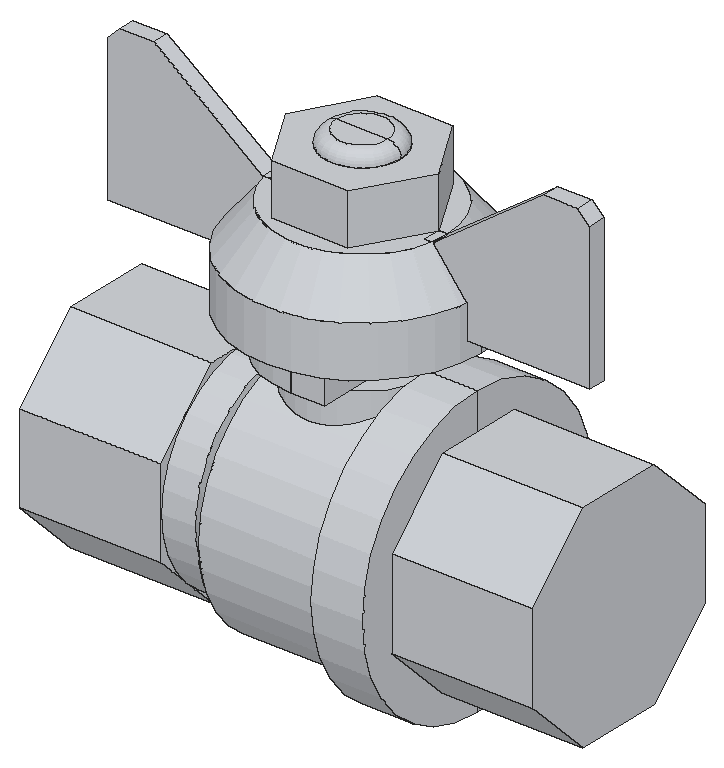
Revit family "PipeAccessories_BallValve_Brass_Eagle_Dura_Water_ButterflyHandle_15-20mm", category Pipe Accessories, Revit 2019
Family settings
  Round Connector Dimension = Use Radius
  Part Type = Valve - Breaks Into
  OmniClass Number = 23.65.55.14.17
  OmniClass Title = Adjusting/Controlling Valves for Liquid Services
  Work Plane-Based = No
  Always vertical = Yes
  Cut with Voids When Loaded = No
  Shared = No
Parameters (values of type "Eagle_B-Handle_F-F_15mm")
  Z = SW / 2  # 12.600 mm
  Y = 8.000 mm
  WaterTreatmentSystemOperating [instance] = yes
  WaterLevelsSet [instance] = yes
  Uniformat IIElements = "TBC"
  URL = "www.reece.com.au"
  Type Comments = "Dura;s range of valves ensure you have the right valve for the right application; Products range from ball valves and gate valves all the way to butterfly and mechanical valves to ensure you have the solution to meet your specification requirements;"
  StatutoryRegistrationsAndLabelsComplete [instance] = yes
  SerialNumber [instance] = ""
  SW = 25.200 mm
  R1 = R + 2.000 mm  # 9.500 mm
  R = D / 2  # 7.500 mm
  ProductCode = "9502866"
  OmniclassProducts = "TBC"
  NATSPECWorkSection = "TBC"
  ModifiedIssue_ANZRS = 20130927.63
  Model Version = "2013-03"
  Model Status [instance] = ""
  Model Specification = "BMA"
  Model = "Eagle_B-Handle_F-F_15mm"
  Description = "TBC"
  CreatedBy_ANZRS = "A2K Technologies"
  CreatedByURL_ANZRS = "http://bimmepaus.com.au/"
  BodyMaterial = none
  Mark [instance] = ""
  Manufacturer = "Reece(Dura)"
  M_F = no
  L = 56.500 mm
  FinalHHWFlow [instance] = 0.0 L/s
  F_F = yes
  E = 16.500 mm
  D = 15.000 mm
  CommissioningEngineer [instance] = ""
  CommissioningDate [instance] = ""
  C = 16.500 mm
  B = 41.500 mm
  Assembly Code = "D2090800"
  A-C*2 = A - C * 2  # 27.000 mm
  A = 60.000 mm
Types (4, lengths in mm): name | Z | Y | SW | R1 | R | ProductCode | Model | M_F | L | F_F | E | D | C | B | A-C*2 | A
  Eagle_B-Handle_F-F_15mm | 12.600 | 8.000 | 25.200 | 9.500 | 7.500 | "9502866" | "Eagle_B-Handle_F-F_15mm" | no | 56.500 | yes | 16.500 | 15.000 | 16.500 | 41.500 | 27.000 | 60.000
  Eagle_B-Handle_F-F_20mm | 15.750 | 9.000 | 31.500 | 12.000 | 10.000 | "9502867" | "Eagle_B-Handle_F-F_20mm" | no | 64.500 | yes | 18.500 | 20.000 | 18.500 | 47.500 | 31.000 | 68.000
  Eagle_B-Handle_M-F_15mm | 12.600 | 8.000 | 25.200 | 9.500 | 7.500 | "9502868" | "Eagle_B-Handle_M-F_15mm" | yes | 56.500 | no | 16.500 | 15.000 | 16.500 | 41.500 | 35.500 | 68.500
  Eagle_B-Handle_M-F_20mm | 15.750 | 9.000 | 31.500 | 12.000 | 10.000 | "9502869" | "Eagle_B-Handle_M-F_20mm" | yes | 64.500 | no | 18.500 | 20.000 | 18.500 | 47.500 | 41.000 | 78.000
Reference planes
  plane 1 "Center (Front/Back)": y = 0
  plane 2: z = 0
  plane 3 "Center (Left/Right)": x = 0
  plane 4 "RHS": x = 30
  plane 5 "LHS": x = -30
Forms (mm)
  Extrusion 1, solid, material <- "BodyMaterial", detail levels fine
    sketch origin (46.25, 0, 0) x (0, 1, 0) y (0, 0, 1)
      loop
        line (12.6, 5.219) -> (5.219, 12.6) -> (-5.219, 12.6) -> (-12.6, 5.219) -> (-12.6, -5.219) -> (-5.219, -12.6) -> (5.219, -12.6) -> (12.6, -5.219) -> (12.6, 5.219)
    from -59.75 to -76.25
  Revolve 2, solid, material <- "BodyMaterial", visible <- "M_F", detail levels fine
    sketch origin (-301.357, 0, -275.879) x (1, 0, 0) y (0, 0, 1)
      loop
        line (314.857, 285.379) -> (314.857, 275.879) -> (331.357, 275.879) -> (331.357, 283.54) -> (329.518, 285.379) -> (314.857, 285.379)
      axis (331.357, 275.879) -> (314.857, 275.879)
    angle from 0 to 360
  Revolve 3, solid, material <- "BodyMaterial", visible <- "M_F", detail levels fine
    sketch origin (0, 0, 0) x (1, 0, 0) y (0, 0, 1)
      loop
        line (-9.5, 12.6) -> (-13.5, 12.6) -> (-13.5, 0) -> (-9.5, 0) -> (13.5, 0) -> (13.5, 16.85) -> (7.5, 16.85) -> (7.5, 14.85) -> (-7.25, 14.85) -> (-9.5, 12.6)
      axis (-13.5, 0) -> (13.5, 0)
    angle from 0 to 360
  Revolve 4, solid, material <- "BodyMaterial", detail levels fine
    sketch origin (-301.982, 0, -276.17) x (1, 0, 0) y (0, 0, 1)
      loop
        line (293.982, 280.67) -> (301.982, 280.67) -> (301.982, 315.67) -> (298.982, 315.67)
        arc (298.982, 315.67) -> (297.921, 315.231) -> (297.482, 314.17) r 1.5
        line (297.482, 314.17) -> (297.482, 292.67) -> (293.982, 292.67) -> (293.982, 280.67)
      axis (301.982, 280.67) -> (301.982, 315.67)
    angle from 0 to 360
  Revolve 5, solid, material <- "BodyMaterial", detail levels fine
    sketch origin (0, 0, 0) x (1, 0, 0) y (0, 0, 1)
      loop
        line (0, 32) -> (-10, 32) -> (-14, 27) -> (-14, 21) -> (0, 21) -> (0, 32)
      axis (0, 21) -> (0, 32)
    angle from 0 to 360
  Revolve 6, solid, material <- "BodyMaterial", detail levels fine
    sketch origin (0, 0, 0) x (-1, 0, 0) y (0, 0, -1)
      loop
        line (-10.5, -21) -> (0, -21) -> (0, -16.5) -> (-10.5, -16.5) -> (-10.5, -21)
      axis (0, -16.5) -> (0, -21)
    angle from 90 to 270
  Extrusion 7, solid, material <- "BodyMaterial", detail levels fine
    sketch origin (0, 0.5, 0) x (1, 0, 0) y (0, 0, 1)
      loop
        line (4, 16.5) -> (4, 21) -> (0, 21) -> (0, 16.5) -> (4, 16.5)
    from 0 to 11
  Extrusion 8, solid, material <- "BodyMaterial", detail levels fine
    sketch origin (0, 0, 0) x (1, 0, 0) y (0, 0, 1)
      loop
        line (-8.916, 32.029) -> (-10, 32.029) -> (-22.836, 41.5) -> (-26.836, 41.5) -> (-28.25, 40.086) -> (-28.25, 23.086) -> (-8.916, 23.086) -> (-8.916, 32.029)
    from 0 to 2
  Extrusion 9, solid, material <- "BodyMaterial", detail levels fine
    sketch origin (0, 0, 0) x (-1, 0, 0) y (0, 0, -1)
      loop
        line (-8.916, -32.029) -> (-8.916, -23.086) -> (-28.25, -23.086) -> (-28.25, -40.086) -> (-26.836, -41.5) -> (-22.836, -41.5) -> (-10, -32.029) -> (-8.916, -32.029)
    from 0 to 2
  Extrusion 10, solid, material <- "BodyMaterial", detail levels fine
    sketch origin (0, 0, 38) x (0, -1, 0) y (1, 0, 0)
      loop
        line (0, 8.916) -> (-7.722, 4.458) -> (-7.722, -4.458) -> (0, -8.916) -> (7.722, -4.458) -> (7.722, 4.458) -> (0, 8.916)
    from -6 to 0
  Extrusion 11, solid, material <- "BodyMaterial", visible <- "F_F", detail levels fine
    sketch origin (107.689, 0, 0) x (0, 1, 0) y (0, 0, 1)
      loop
        line (12.6, 5.219) -> (5.219, 12.6) -> (-5.219, 12.6) -> (-12.6, 5.219) -> (-12.6, -5.219) -> (-5.219, -12.6) -> (5.219, -12.6) -> (12.6, -5.219) -> (12.6, 5.219)
    from -77.689 to -94.189
  Revolve 12, solid, material <- "BodyMaterial", visible <- "F_F", detail levels fine
    sketch origin (0, 0, 0) x (1, 0, 0) y (0, 0, 1)
      loop
        line (-9.5, 12.6) -> (-13.5, 12.6) -> (-13.5, 0) -> (-9.5, 0) -> (13.5, 0) -> (13.5, 16.85) -> (7.5, 16.85) -> (7.5, 14.85) -> (-7.25, 14.85) -> (-9.5, 12.6)
      axis (-13.5, 0) -> (13.5, 0)
    angle from 0 to 360
Dimensions and locks
  "SW": Extrusion 1 sketch curve to Extrusion 1 sketch curve  (x4)
  equal spacing: Extrusion 1 sketch curve, plane 1 "Center (Front/Back)", Extrusion 1 sketch curve  (x4)
  "C": Extrusion 1 to Extrusion 1
  locked: Revolve 2 sketch curve to Revolve 2 sketch curve at 1.839  (x2)
  "E": Revolve 2 sketch curve to Revolve 2 sketch curve
  "A": Extrusion 1 to Revolve 2
  equal spacing: Extrusion 1, plane 3 "Center (Left/Right)", Revolve 2
  "R1": Revolve 2 sketch curve to Revolve 2 sketch curve
  "Z": Revolve 3 sketch curve to Revolve 3 sketch curve
  locked: Revolve 3 sketch curve to Revolve 3 sketch curve at 2.25
  locked: Revolve 3 sketch curve to Revolve 3 sketch curve at 2
  "Y": Revolve 4 sketch curve to Revolve 4 sketch curve
  "B": Extrusion 9 to level
  "B": Extrusion 8 to level
  equal spacing: Extrusion 8, plane 3 "Center (Left/Right)", Extrusion 9
  "L": Extrusion 8 to Extrusion 9
  locked: Extrusion 9 to Revolve 5 at 9.5
  locked: Revolve 5 to Revolve 4 at 4.5
  locked: Extrusion 10 to Revolve 5 at 6
  "SW": Extrusion 11 sketch curve to Extrusion 11 sketch curve  (x4)
  equal spacing: Extrusion 11 sketch curve, plane 1 "Center (Front/Back)", Extrusion 11 sketch curve  (x4)
  "A": Extrusion 1 to Extrusion 11
  equal spacing: Extrusion 1, plane 3 "Center (Left/Right)", Extrusion 11
  "C": Extrusion 11 to Extrusion 11
  locked: Revolve 3 sketch curve to Revolve 3 sketch curve at 6
  "Z": Revolve 12 sketch curve to Revolve 12 sketch curve
  locked: Revolve 12 sketch curve to Revolve 12 sketch curve at 2.25
  locked: Revolve 12 sketch curve to Revolve 12 sketch curve at 2
  locked: Revolve 12 sketch curve to Revolve 12 sketch curve at 6
  equal spacing: plane 5 "LHS", plane 3 "Center (Left/Right)", plane 4 "RHS"
  "A": plane 5 "LHS" to plane 4 "RHS"
  angle Extrusion 1 sketch curve to Extrusion 1 sketch curve = 135.00°  (x8)
  angle Extrusion 11 sketch curve to Extrusion 11 sketch curve = 135.00°  (x8)
  aligned and locked: plane 2 to level
  aligned and locked: Revolve 3 to Revolve 2
  aligned and locked: Revolve 3 to Extrusion 1
  aligned and locked: plane 3 "Center (Left/Right)" to Revolve 5 sketch curve
  aligned and locked: Revolve 6 to Revolve 5
  aligned and locked: Extrusion 7 to Revolve 5
  aligned and locked: Revolve 5 to Extrusion 10
  aligned and locked: Extrusion 1 to Revolve 12
  aligned and locked: Revolve 12 to Extrusion 11
  aligned and locked: level to Revolve 2 sketch curve
  aligned and locked: plane 3 "Center (Left/Right)" to nested 1
  aligned and locked: plane 1 "Center (Front/Back)" to nested 1
Automatic sketch dimensions
  Revolve 5 sketch curve to plane 3 "Center (Left/Right)" = 0.000 mm
  Revolve 5 sketch curve to Revolve 5 sketch curve = 10.000 mm
  Revolve 5 sketch curve to Revolve 5 sketch curve = 4.000 mm
  level to Revolve 5 sketch curve = 21.000 mm
  Revolve 5 sketch curve to Revolve 5 sketch curve = 6.000 mm
  Revolve 5 sketch curve to Revolve 5 sketch curve = 5.000 mm
  Revolve 5 sketch curve to Revolve 5 sketch curve = 13.284 mm
  Revolve 5 sketch curve to Revolve 5 sketch curve = 25.983 mm
  Revolve 6 sketch curve to plane 3 "Center (Left/Right)" = 0.000 mm  (x2)
  plane 3 "Center (Left/Right)" to Revolve 6 sketch curve = 10.500 mm
  level to Revolve 6 sketch curve = 24.489 mm
  Revolve 6 sketch curve to Revolve 6 sketch curve = 3.489 mm
  Revolve 6 sketch curve to Revolve 6 sketch curve = 4.500 mm
  Revolve 6 sketch curve to Revolve 6 sketch curve = 2.651 mm
  Extrusion 7 sketch curve to plane 3 "Center (Left/Right)" = 0.000 mm
  plane 3 "Center (Left/Right)" to Extrusion 7 sketch curve = 4.000 mm
  level to Extrusion 7 sketch curve = 16.500 mm
  Extrusion 7 sketch curve to Extrusion 7 sketch curve = 4.500 mm
  Extrusion 8 sketch curve to plane 3 "Center (Left/Right)" = 28.250 mm
  Extrusion 8 sketch curve to Extrusion 8 sketch curve = 1.414 mm  (x2)
  Extrusion 8 sketch curve to Extrusion 8 sketch curve = 4.000 mm
  Extrusion 8 sketch curve to plane 3 "Center (Left/Right)" = 10.000 mm
  Extrusion 8 sketch curve to Extrusion 8 sketch curve = 1.084 mm
  level to Extrusion 8 sketch curve = 23.086 mm
  Extrusion 8 sketch curve to Extrusion 8 sketch curve = 8.943 mm
  Extrusion 8 sketch curve to Extrusion 8 sketch curve = 17.000 mm
  Extrusion 9 sketch curve to plane 3 "Center (Left/Right)" = 28.250 mm
  Extrusion 9 sketch curve to Extrusion 9 sketch curve = 1.414 mm  (x2)
  Extrusion 9 sketch curve to Extrusion 9 sketch curve = 4.000 mm
  Extrusion 9 sketch curve to plane 3 "Center (Left/Right)" = 10.000 mm
  Extrusion 9 sketch curve to Extrusion 9 sketch curve = 1.084 mm
  Extrusion 9 sketch curve to level = 23.086 mm
  Extrusion 9 sketch curve to Extrusion 9 sketch curve = 8.943 mm
  Extrusion 9 sketch curve to Extrusion 9 sketch curve = 17.000 mm
  plane 1 "Center (Front/Back)" to Extrusion 10 sketch curve = 0.000 mm  (x2)
  Extrusion 10 sketch curve to plane 1 "Center (Front/Back)" = 7.722 mm
  plane 1 "Center (Front/Back)" to Extrusion 10 sketch curve = 7.722 mm
  Extrusion 10 sketch curve to plane 3 "Center (Left/Right)" = 8.916 mm
  Extrusion 10 sketch curve to plane 3 "Center (Left/Right)" = 4.458 mm  (x2)
  plane 3 "Center (Left/Right)" to Extrusion 10 sketch curve = 4.458 mm  (x2)
  Extrusion 10 sketch curve to Extrusion 10 sketch curve = 4.458 mm
  Revolve 2 sketch curve to level = 0.000 mm
  Revolve 2 sketch curve to plane 4 "RHS" = 0.000 mm
  plane 3 "Center (Left/Right)" to Revolve 2 sketch curve = 5.864 mm
  plane 4 "RHS" to Revolve 2 sketch curve = 30.000 mm
  Revolve 3 sketch curve to level = 0.000 mm  (x2)
  Revolve 3 sketch curve to plane 3 "Center (Left/Right)" = 13.500 mm
  Revolve 3 sketch curve to Revolve 3 sketch curve = 4.000 mm  (x2)
  Revolve 3 sketch curve to Revolve 3 sketch curve = 2.250 mm
  plane 3 "Center (Left/Right)" to Revolve 3 sketch curve = 7.500 mm
  Revolve 3 sketch curve to Revolve 3 sketch curve = 1.323 mm
  plane 4 "RHS" to Revolve 3 sketch curve = 8.101 mm
  Revolve 4 sketch curve to plane 3 "Center (Left/Right)" = 0.000 mm  (x2)
  Revolve 4 sketch curve to plane 3 "Center (Left/Right)" = 4.500 mm
  Revolve 4 sketch curve to Revolve 4 sketch curve = 1.500 mm
  level to Revolve 4 sketch curve = 4.500 mm
  Revolve 4 sketch curve to Revolve 4 sketch curve = 12.000 mm
  Revolve 4 sketch curve to Revolve 4 sketch curve = 21.500 mm
  Revolve 4 sketch curve to Revolve 4 sketch curve = 4.242 mm
  Revolve 4 sketch curve to Revolve 4 sketch curve = 3.482 mm
  Revolve 12 sketch curve to level = 0.000 mm  (x2)
  Revolve 12 sketch curve to plane 3 "Center (Left/Right)" = 13.500 mm
  Revolve 12 sketch curve to Revolve 12 sketch curve = 4.000 mm  (x2)
  Revolve 12 sketch curve to Revolve 12 sketch curve = 2.250 mm
  plane 3 "Center (Left/Right)" to Revolve 12 sketch curve = 7.500 mm
  Revolve 12 sketch curve to Revolve 12 sketch curve = 1.323 mm
  plane 4 "RHS" to Revolve 12 sketch curve = 8.101 mm
Nested families
  nested 1: "Ball_Valve_S" at (0, 0, 0), type "Ball_Valve_S", detail levels coarse+medium
Connectors
  piping at (30, 0, 0), diameter 15, driven by "R"
    settings: on Revolve 2, index 1, connector inside diameter 15 mm, connector length 0.000 mm, flow factor 0, pipe flow 0.0 L/s, pressure drop 0.0 Pa, fitting loss kfactor 0, connector angle 0.00°, fixture units 0, engagement length 0.000 mm, angle of deflection 0.00°, flow configuration 0, flow direction 0, fitting loss method 2, system type 28, joint type 0, gender type 0, connector reference index 2, connector utility 0, adjustable connector no, is connector primary no, connector description ""
  piping at (-30, 0, 0), diameter 15, driven by "R"
    settings: on Extrusion 1, index 2, connector inside diameter 15 mm, connector length 0.000 mm, flow factor 0, pipe flow 0.0 L/s, pressure drop 0.0 Pa, fitting loss kfactor 0, connector angle 0.00°, fixture units 0, engagement length 0.000 mm, angle of deflection 0.00°, flow configuration 0, flow direction 0, fitting loss method 2, system type 28, joint type 0, gender type 0, connector reference index 1, connector utility 0, adjustable connector no, is connector primary yes, connector description ""
Definition of nested family "Ball_Valve_S"
  Parameters
    SymbolWidth = 8.000 mm
    Shaft Length = Length / 2  # 22.500 mm
    R = SymbolWidth / 2  # 4.000 mm
    Length = 45.000 mm
    A = (SymbolWidth / 2) + 25.000 mm  # 29.000 mm
  Reference planes
    plane 1 "Center (Front/Back)": y = 0
    plane 2: z = 0
    plane 3 "Center (Left/Right)": x = 0
  Lines and regions (mm)
    model lines
      curve 1: line (-22.5, 4, 0) -> (-22.5, -4, 0)
      curve 2: line (22.5, 4, 0) -> (22.5, -4, 0)
      curve 3: circle (0, 0, 0) r 4 normal (0, 0, 1)
      curve 4: line (0, 4, 0) -> (0, 29, 0)
      curve 5: line (0, 29, 0) -> (22.5, 29, 0)
  Dimensions and locks
    "SymbolWidth": curve 2 to curve 2
    "SymbolWidth": curve 1 to curve 1
    equal spacing: curve 2, plane 1 "Center (Front/Back)", curve 2
    equal spacing: curve 1, plane 1 "Center (Front/Back)", curve 1
    equal spacing: curve 1, curve 4, curve 2
    "Length": curve 1 to curve 2
    "A": plane 1 "Center (Front/Back)" to curve 5
    "Shaft Length": plane 3 "Center (Left/Right)" to curve 5
    "R": radius of curve 3
    aligned and locked: level to plane 2
  Automatic sketch dimensions
    curve 5 to plane 3 "Center (Left/Right)" = 0.000 mm
    plane 1 "Center (Front/Back)" to curve 3 = 0.000 mm
    curve 3 to plane 3 "Center (Left/Right)" = 0.000 mm
